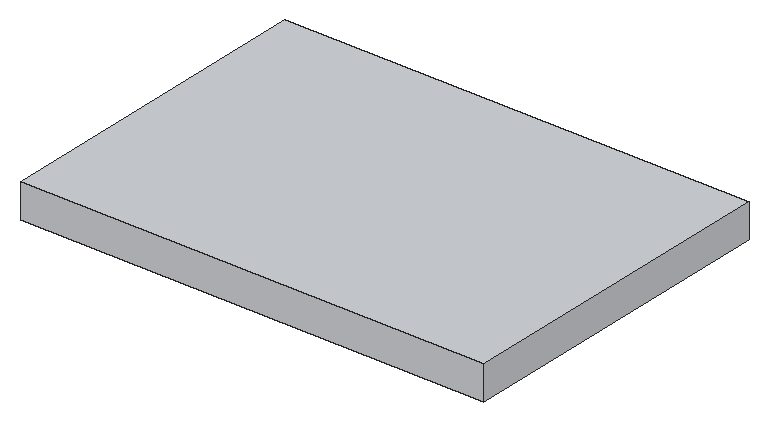
Revit family "105 ECO - L", category Aparatos sanitarios, Revit 2016
Family settings
  Anfitrión = Cara
  Tipo de pieza = Normal
  Cota de conector redondo = Diámetro de uso
  Número OmniClass = 23.45.05.14.14
  Título OmniClass = Sinks/Lavatories
  Corte con vacíos al cargar = No
  Compartido = No
  Punto de cálculo de habitación = No
Parameters
  WFU = 0
  URL = "http://www.prestoiberica.com"
  Sistema = "AFS"
  Referencia = "10900"
  Peso = 0.832 kg
  Notas de suministro = "Suministrado con arandela, junta y tuerca de fijación."
  Modelo = "PRESTO 105 ECO - L"
  Material = Latón, cromado
  HWFU = 0
  Fabricante = "PRESTO IBÉRICA"
  Email = "info@prestoiberica.com"
  Teléfono = "+34 915 782 575"
  Default Elevation = 48"
  Diámetro entrada = 1/2"
  Descripción = "Cuerpo y pulsador en latón cromado, piezas interiores en materiales resistentes a la corrosión e incrustaciones calcáreas."
  Código de montaje = "D2020"
  Comentarios de tipo = "Fabricado con materiales de alta resistencia y duración. Cabeza intercambiable que comprende todo el mecanismo del grifo."
  Cierre = "10 seg."
  Caudal = 2.0 L/min
  CWFU = 1
  Accionamiento = "Por pulsador"
Reference planes (in)
  plane 1 "Centro (Frontal/Posterior)": y = 0
  plane 2: z = 0
  plane 3 "Centro (Izquierda/Derecha)": x = 0
Forms (in)
  Extrusion 1, solid
    sketch origin (0, 0, 0) x (1, 0, 0) y (0, 1, 0)
      loop
        line (-6.44299, 4.74141) -> (-6.44299, -4.80498) -> (6.97478, -4.80498) -> (6.97478, 4.74141) -> (-6.44299, 4.74141)
    from 0 to -0.9706
Dimensions and locks (in)
  aligned and locked: plane 2 to Extrusion 1
  aligned and locked: level to Extrusion 1
Connectors (in)
  piping at (0, 0.04755, -1.9685), diameter 0.5, driven by "Caudal", driven by "Diámetro entrada"
    settings: on import instance, index 1, connector inside diameter 609.6 mm, connector length 0", flow factor 0, pipe flow 2.0 L/min, pressure drop 0.0 Pa, fitting loss kfactor 0, connector angle 0.00°, fixture units 0, engagement length 0", angle of deflection 0.00°, flow configuration 0, flow direction 1, fitting loss method 0, system type 20, joint type 0, gender type 0, connector reference index -1, connector utility 0, adjustable connector no, is connector primary yes, connector description ""
